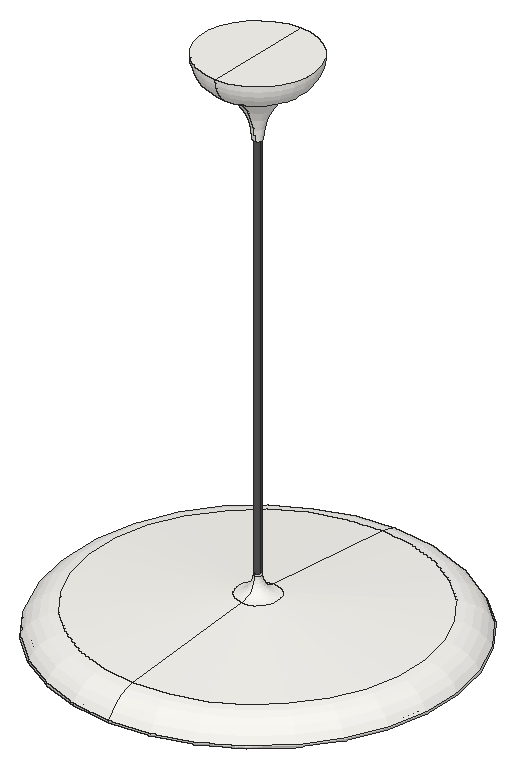
Revit family "Lighting_Pendants_Nordlux_Artist_40", category Lighting Fixtures, host Ceiling, Revit 2017
Family settings
  Host = Ceiling
  Round Connector Dimension = Use Diameter
  Part Type = Normal
  OmniClass Number = 23.80.70.11
  OmniClass Title = Luminaries for Internal Lighting
  Always vertical = Yes
  Cut with Voids When Loaded = No
  Light Source = Yes
  Shared = No
  Room Calculation Point = No
Parameters (values of type "Artist 40 - silver")
  Wattage = 9.82887 W
  WarrantyStartDate [instance] = "n/a"
  WarrantyGuarantorParts = "n/a"
  WarrantyGuarantorLabor = "n/a"
  WarrantyDurationUnit = "Hours"
  WarrantyDurationParts = "n/a"
  WarrantyDurationLabor = "n/a"
  WarrantyDescription = "n/a"
  built-in parameter 1150110 = 1 (stored number, unit not read)
  VersionDate = "06/08/2019"  # constant formula
  Version = "1"  # constant formula
  UsageCurrent = 0 A
  Uniclass2015Reference = "Pr_70_70_48_62"
  Uniclass2015Description = "Pendant  luminaires"
  Uniclass2 = "Pr_70_70_49_86"
  URL = "https://www.nordlux.com/products/product/83093054"
  TotalWattage = 24 W
  built-in parameter 1114217 = 1 (stored number, unit not read)
  Tilt Angle = 90.00°
  built-in parameter 1150109 = 1 (stored number, unit not read)
  built-in parameter 1150134 = (empty or 0)
  TagNumber [instance] = "n/a"
  SustainabilityPerformance = "n/a"
  built-in parameter 1150113 = 1 (stored number, unit not read)
  Socket = "LED MODUL"
  Size = "Shade: 400x400x60 mm / Canopy: 114x114x82 mm"
  Shape = "Sculptured"
  SerialNumber [instance] = "n/a"
  Revision = "n/a"
  ReplacementCost = "n/a"
  ProductInformation = "n/a"
  Product data url = "https://www.bimobject.com/nordlux/product/artist_40_pendant_led"
  Photometric Web File = "8309 Artist 40.ies"
  PhaseReference = "n/a"
  PhaseAngle = 0.00°
  NumberOfSources = 0
  NumberOfPoles = 1
  NominalWidth = NominalDiameter  # 400 mm
  NominalVoltageCalc = 0 V
  NominalVoltage = 230 V
  NominalRadius = NominalDiameter / 2  # 200 mm
  NominalLength = NominalDiameter  # 400 mm
  NominalHeight [instance] = CableLengthControl + 60 mm  # 560 mm
  NominalFrequencyRange = 50 Hz
  NominalDiameter = 400 mm
  NominalCurrent = 0 A
  Name = "Artist_40"  # constant formula
  NBSReference = "90-60-50/405"
  NBSDescription = "General purpose luminaires"
  ModelReference = ArticleNumber  # "83093054"
  ModelNumber = "n/a"
  Model = "Artist 40 - silver"
  Material = "Metal, plastic & textile"
  ManufacturersSpecificInformation = "n/a"
  ManufacturerURL = "https://www.nordlux.com/"
  ManufacturerName = "Nordlux"
  Manufacturer = "Nordlux"
  MaintenanceFactor = 0
  Lumens = 1460 lm
  LuminairePowerFactor = "0.98"
  built-in parameter 1150115 = 1 (stored number, unit not read)
  built-in parameter 1150105 = 505.18 (stored number, unit not read)
  LightSource = "Incl. 24W LED"
  LightFixtureSecondaryMaterial = Black cable
  LightFixturePlacingType = "Ceilling"
  LightFixtureMountingType = "Suspended"
  LightFixtureMainMaterial = Silver
  built-in parameter 1150137 = (empty or 0)
  built-in parameter 1150139 = (empty or 0)
  LensMaterial = Glass
  built-in parameter 1150112 = 1 (stored number, unit not read)
  built-in parameter 1150114 = 1 (stored number, unit not read)
  InsulationStandardClass = "Class 2 (Double isolated)"
  InstallationDate [instance] = "n/a"
  built-in parameter 1150132 = 2
  built-in parameter 1150102 = (empty or 0)
  built-in parameter 1150138 = (empty or 0)
  built-in parameter 1150107 = 2700 (stored number, unit not read)
  built-in parameter 1150106 = 5.0518 (stored number, unit not read)
  IfcExportType = "NOTDEFINED"  # constant formula
  IfcExportAs = "IfcLightFixtureType"  # constant formula
  IP_Code = "IP20"
  HasProtectiveEarth = no
  Grade = "n/a"
  Finish = "Primary material metal, secondary material plastic, textile cable."
  Features = "Textile cable 300cm. Cable can not be replaced."
  ExpectedLife = "20.000"
  EnergyClass = "A - A++"
  Emit from Circle Diameter = 380 mm
  Emit Shape Visible in Rendering = no
  ElectricalDeviceNominalPower = 0
  built-in parameter 1150104 = 13.8 (stored number, unit not read)
  EANNumber = "5701581386983"
  DurationUnit = "Hours"
  Dimming Lamp Color Temperature Shift = <None>
  Designer = "Bonnelycke MDD"
  Description = "With its timeless design and simple shape, ARTIST is a beautiful candidate for a future classic. As the name suggests, Artist is modeled on the world of music – inspired by a drum kit cymbal."
  DefaultElevation = 0 mm
  ConvergoRefNr = "0143-1909-0002-DK"
  Constituents = "n/a"
  ColourIndexRA = "80"
  Color Filter = 16777215
  Color = "Silver"
  Collection = "Artist"
  CodePerformance = "n/a"
  Category = "Indoor lighting"
  CableLengthControl [instance] = if(CableLength < 250 mm, 250 mm, if(CableLength > 3000 mm, 3000 mm, CableLength))  # 500 mm
  CableLength [instance] = 500 mm
  Brand = "Nordlux"
  Barcode [instance] = "n/a"
  built-in parameter 1114218 = 1 (stored number, unit not read)
  BIMObjectName = "Lighting_Pendants_Nordlux_Artist_40"  # constant formula
  Author = "Convergo AB"  # constant formula
  built-in parameter 1150133 = 10 (stored number, unit not read)
  AssetType = "Fixed"
  AssetIdentifier [instance] = "n/a"
  ArticleNumber = "83093054"
  AccessibilityPerformance = "n/a"
Types (4, lengths in mm): name | URL | ModelReference | Model | built-in parameter 1150105 | LightFixtureSecondaryMaterial | LightFixtureMainMaterial | built-in parameter 1150106 | EANNumber | Color | ArticleNumber
  Artist 40 - black | "https://www.nordlux.com/products/product/83093003" | "83093003" | "Artist 40 - black" | 526.88 (stored number, unit not read) | Black cable | Black | 5.2688 (stored number, unit not read) | "5701581345584" | "Black" | "83093003"
  Artist 40 - grey | "https://www.nordlux.com/products/product/83093010" | "83093010" | "Artist 40 - grey" | 526.88 (stored number, unit not read) | Grey cable | Grey | 5.2688 (stored number, unit not read) | "5701581301283" | "Grey" | "83093010"
  Artist 40 - copper | "https://www.nordlux.com/products/product/83093030" | "83093030" | "Artist 40 - copper" | 526.88 (stored number, unit not read) | Black cable | Copper | 5.2688 (stored number, unit not read) | "5701581301382" | "Copper" | "83093030"
  Artist 40 - silver | "https://www.nordlux.com/products/product/83093054" | "83093054" | "Artist 40 - silver" | 505.18 (stored number, unit not read) | Black cable | Silver | 5.0518 (stored number, unit not read) | "5701581386983" | "Silver" | "83093054"
Reference planes
  plane 1 "Light Source Axis (F/B)": y = 0
  plane 2: z = 0
  plane 3 "Light Source Axis (L/R)": x = 0
  plane 4 "Ceiling": z = 4000
  plane 5 "Light Source Elevation": z = 3442
  plane 6: z = 3500
  plane 7: z = 3440
  plane 8: x = -200
  plane 9: y = 200
  plane 10: x = 200
  plane 11: y = -200
Forms (mm)
  Extrusion 1, solid, material "Silver" <- "LightFixtureMainMaterial", detail levels coarse
    sketch origin (0, 0, 3442) x (-1, 0, 0) y (0, -1, 0)
      loop
        line (200, -200) -> (200, 200) -> (-200, 200) -> (-200, -200) -> (200, -200)
    from -2 to 558
Dimensions and locks
  equal spacing: host sketch curve, plane 3 "Light Source Axis (L/R)", host sketch curve
  equal spacing: host sketch curve, plane 1 "Light Source Axis (F/B)", host sketch curve
  host sketch curve to host sketch curve = 4000 mm  (x2)
  locked: plane 4 "Ceiling" to host ceiling at 0
  "CableLengthControl": plane 6 to plane 4 "Ceiling"
  locked: plane 7 to plane 5 "Light Source Elevation" at 2
  equal spacing: plane 11, plane 1 "Light Source Axis (F/B)", plane 9
  "NominalDiameter": plane 9 to plane 11
  equal spacing: plane 8, plane 3 "Light Source Axis (L/R)", plane 10
  "NominalDiameter": plane 8 to plane 10
  "NominalHeight": plane 7 to plane 4 "Ceiling"
  aligned and locked: plane 3 "Light Source Axis (L/R)" to imposter light
  aligned and locked: plane 1 "Light Source Axis (F/B)" to imposter light
  aligned and locked: plane 5 "Light Source Elevation" to imposter light
  aligned and locked: nested 1 to plane 6
  aligned and locked: nested 2 to plane 4 "Ceiling"
  aligned and locked: Extrusion 1 to plane 4 "Ceiling"
  aligned and locked: Extrusion 1 to plane 7
  aligned and locked: plane 9 to Extrusion 1 sketch curve
  aligned and locked: plane 10 to Extrusion 1 sketch curve
  aligned and locked: plane 11 to Extrusion 1 sketch curve
  aligned and locked: plane 8 to Extrusion 1 sketch curve
Nested families
  nested 1: "Artist_40" at (0, 0, 3440), Metal <- "LightFixtureMainMaterial", Glass <- "LensMaterial", type "Artist_40"
    with Metal Silver, Glass Glass
  nested 2: "Artist_Cable" at (0, 0, 4000) x (1, 0, 0) z (0, 0, -1), CableLength <- "CableLengthControl", Metal <- "LightFixtureMainMaterial", Cable <- "LightFixtureSecondaryMaterial", type "Artist_Cable"
    with Metal Silver, CableLength 500 mm, Cable Black cable
Connectors
  electrical at (0, 0, 4000), driven by "NominalVoltage", driven by "NumberOfPoles"
    settings: on nested 2, index 1, voltage 230 V, apparent load 0 VA, apparent load phase1 0 VA, apparent load phase2 0 VA, apparent load phase3 0 VA, power factor 1, load classification "Other", number of poles 1, system type 31, power factor state 1, is connector primary yes, connector utility no, sub classification motor no, connector description ""
Definition of nested family "Artist_40"
  Parameters (values of type "Artist_40")
    Glass [instance] = none
    Metal [instance] = none
  Reference planes
    plane 1 "Center (Front/Back)": y = 0
    plane 2: z = 0
    plane 3 "Center (Left/Right)": x = 0
    plane 4: z = 60
    plane 5: z = 2
    plane 6: x = -199.998
    plane 7: y = 199.998
    plane 8: y = -199.998
    plane 9: x = 199.998
  Forms (mm)
    Revolve 1, solid, material <- "Metal", detail levels medium+fine
      sketch origin (0, 0, 0) x (0, 1, 0) y (0, 0, 1)
        loop
          line (0, 2) -> (198.04, 2)
          arc (198.04, 2) -> (199.717, 2.932) -> (199.81, 4.847) r 1.973
          arc (199.81, 4.847) -> (186.572, 20.096) -> (167.56, 26.901) r 39.863
          line (167.56, 26.901) -> (21.088, 39.774)
          arc (21.088, 39.774) -> (8.74, 45.868) -> (3.75, 58.702) r 19.001
          line (3.75, 58.702) -> (3.75, 60) -> (0, 60) -> (0, 2)
        axis (0, 60) -> (0, 2)
      angle from 0 to 360
    Revolve 2, solid, material <- "Glass", detail levels medium+fine
      sketch origin (0, 25, 0) x (0, 1, 0) y (0, 0, 1)
        loop
          line (-25, 0) -> (163.671, 0)
          arc (163.671, 0) -> (165.085, 0.586) -> (165.671, 2) r 2
          line (165.671, 2) -> (-25, 2) -> (-25, 0)
        axis (-25, 2) -> (-25, 0)
      angle from 0 to 360
  Lines and regions (mm)
    symbolic lines, detail levels medium+fine
      curve 1: circle (0, 0, 0) r 200 normal (0, 0, 1)
      curve 5: line (0, 3.75, 58.702) -> (0, 3.75, 60)
      curve 6: line (0, -3.75, 58.702) -> (0, -3.75, 60)
      curve 7: line (0, 3.75, 60) -> (0, 3, 60)
      curve 8: line (0, -3.75, 60) -> (0, -3, 60)
      curve 11: line (-3, 0, 60) -> (-3.75, 0, 60)
      curve 12: line (3, 0, 60) -> (3.75, 0, 60)
      curve 13: line (3.75, 0, 58.702) -> (3.75, 0, 60)
      curve 14: line (-3.75, 0, 58.702) -> (-3.75, 0, 60)
      curve 15: arc (0, 21.088, 39.774) -> (0, 8.74, 45.868) -> (0, 3.75, 58.702) r 19.001
      curve 16: line (0, 167.56, 26.901) -> (0, 21.088, 39.774)
      curve 17: arc (0, 199.81, 4.847) -> (0, 186.572, 20.096) -> (0, 167.56, 26.901) r 39.863
      curve 18: arc (0, 198.04, 2) -> (0, 199.717, 2.932) -> (0, 199.81, 4.847) r 1.973
      curve 19: line (0, 198.04, 2) -> (0, 190.671, 2)
      curve 20: arc (0, 188.671, 0) -> (0, 190.085, 0.586) -> (0, 190.671, 2) r 2
      curve 21: line (0, 188.671, 0) -> (0, 0, 0)
      curve 23: arc (0, -21.088, 39.774) -> (0, -8.74, 45.868) -> (0, -3.75, 58.702) r 19.001
      curve 24: line (0, -167.56, 26.901) -> (0, -21.088, 39.774)
      curve 25: arc (0, -199.81, 4.847) -> (0, -186.572, 20.096) -> (0, -167.56, 26.901) r 39.863
      curve 26: arc (0, -198.04, 2) -> (0, -199.717, 2.932) -> (0, -199.81, 4.847) r 1.973
      curve 27: line (0, -198.04, 2) -> (0, -190.671, 2)
      curve 29: line (0, -188.671, 0) -> (0, 0, 0)
      curve 30: arc (0, -188.671, 0) -> (0, -190.085, 0.586) -> (0, -190.671, 2) r 2
      curve 31: arc (-3.75, 0, 58.702) -> (-8.74, 0, 45.868) -> (-21.088, 0, 39.774) r 19.001
      curve 32: line (-21.088, 0, 39.774) -> (-167.56, 0, 26.901)
      curve 33: arc (-167.56, 0, 26.901) -> (-186.572, 0, 20.096) -> (-199.81, 0, 4.847) r 39.863
      curve 34: arc (-199.81, 0, 4.847) -> (-199.717, 0, 2.932) -> (-198.04, 0, 2) r 1.973
      curve 36: arc (-190.671, 0, 2) -> (-190.085, 0, 0.586) -> (-188.671, 0, 0) r 2
      curve 37: line (0, 0, 0) -> (-188.671, 0, 0)
      curve 38: line (-190.671, 0, 2) -> (-198.04, 0, 2)
      curve 39: arc (3.75, 0, 58.702) -> (8.74, 0, 45.868) -> (21.088, 0, 39.774) r 19.001
      curve 40: line (21.088, 0, 39.774) -> (167.56, 0, 26.901)
      curve 41: arc (167.56, 0, 26.901) -> (186.572, 0, 20.096) -> (199.81, 0, 4.847) r 39.863
      curve 42: arc (199.81, 0, 4.847) -> (199.717, 0, 2.932) -> (198.04, 0, 2) r 1.973
      curve 44: arc (190.671, 0, 2) -> (190.085, 0, 0.586) -> (188.671, 0, 0) r 2
      curve 45: line (0, 0, 0) -> (188.671, 0, 0)
      curve 46: line (190.671, 0, 2) -> (198.04, 0, 2)
    symbolic lines, detail levels fine
      curve 2: circle (0, 0, 0) r 190.671 normal (0, 0, 1)
      curve 3: line (0, 3, 60) -> (0, 0, 60)
      curve 4: line (0, -3, 60) -> (0, 0, 60)
      curve 9: line (0, 0, 60) -> (-3, 0, 60)
      curve 10: line (0, 0, 60) -> (3, 0, 60)
      curve 22: line (0, 190.671, 2) -> (0, 0, 2)
      curve 28: line (0, -190.671, 2) -> (0, 0, 2)
      curve 35: line (0, 0, 2) -> (-190.671, 0, 2)
      curve 43: line (0, 0, 2) -> (190.671, 0, 2)
  Dimensions and locks
    aligned and locked: level to plane 2
Definition of nested family "Artist_Cable"
  Parameters (values of type "Artist_Cable")
    Default Elevation = 1219.2 mm
    CableLength [instance] = 250 mm
    Cable [instance] = none
    Metal [instance] = none
  Reference planes
    plane 1 "Center (Front/Back)": y = 0
    plane 2: z = 0
    plane 3 "Center (Left/Right)": x = 0
  Forms (mm)
    Revolve 1, solid, material <- "Metal", detail levels medium+fine
      sketch origin (0, 0, 0) x (0, 1, 0) y (0, 0, 1)
        loop
          line (4.673, 81.85) -> (0, 81.85) -> (0, 0) -> (57.493, 0)
          arc (57.493, 0) -> (52.513, 16.914) -> (39.163, 28.433) r 31.217
          arc (39.163, 28.433) -> (14.066, 50.071) -> (4.673, 81.85) r 58.741
        axis (0, 81.85) -> (0, 0)
      angle from 0 to 360
    Extrusion 2, solid, material <- "Cable", detail levels medium+fine
      sketch origin (0, 0, 0) x (1, 0, 0) y (0, 1, 0)
        loop
          circle (0, 0) r 3
      from 81.85 to 250 <- "CableLength"
  Lines and regions (mm)
    symbolic lines, detail levels medium+fine
      curve 1: line (0, 57.493, 0) -> (0, 0, 0)
      curve 2: arc (0, 57.493, 0) -> (0, 52.513, 16.914) -> (0, 39.163, 28.433) r 31.217
      curve 3: arc (0, 39.163, 28.433) -> (0, 14.066, 50.071) -> (0, 4.673, 81.85) r 58.741
      curve 4: line (0, 4.673, 81.85) -> (0, 3, 81.85)
      curve 5: line (0, 3, 250) -> (0, 3, 81.85)
      curve 7: line (0, -57.493, 0) -> (0, 0, 0)
      curve 8: arc (0, -57.493, 0) -> (0, -52.513, 16.914) -> (0, -39.163, 28.433) r 31.217
      curve 9: arc (0, -39.163, 28.433) -> (0, -14.066, 50.071) -> (0, -4.673, 81.85) r 58.741
      curve 10: line (0, -4.673, 81.85) -> (0, -3, 81.85)
      curve 11: line (0, -3, 250) -> (0, -3, 81.85)
      curve 13: arc (-39.163, 0, 28.433) -> (-52.513, 0, 16.914) -> (-57.493, 0, 0) r 31.217
      curve 14: line (0, 0, 0) -> (-57.493, 0, 0)
      curve 15: arc (-4.673, 0, 81.85) -> (-14.066, 0, 50.071) -> (-39.163, 0, 28.433) r 58.741
      curve 16: line (-3, 0, 81.85) -> (-4.673, 0, 81.85)
      curve 18: line (-3, 0, 81.85) -> (-3, 0, 250)
      curve 19: arc (39.163, 0, 28.433) -> (52.513, 0, 16.914) -> (57.493, 0, 0) r 31.217
      curve 20: line (0, 0, 0) -> (57.493, 0, 0)
      curve 21: arc (4.673, 0, 81.85) -> (14.066, 0, 50.071) -> (39.163, 0, 28.433) r 58.741
      curve 22: line (3, 0, 81.85) -> (4.673, 0, 81.85)
      curve 24: line (3, 0, 81.85) -> (3, 0, 250)
    symbolic lines, detail levels fine
      curve 6: line (0, 3, 81.85) -> (0, 0, 81.85)
      curve 12: line (0, -3, 81.85) -> (0, 0, 81.85)
      curve 17: line (-3, 0, 81.85) -> (0, 0, 81.85)
      curve 23: line (3, 0, 81.85) -> (0, 0, 81.85)
  Dimensions and locks
    aligned and locked: level to plane 2
    aligned and locked: Extrusion 2 to curve 5
    aligned and locked: curve 11 to Extrusion 2
    aligned and locked: Extrusion 2 to curve 18
    aligned and locked: curve 24 to Extrusion 2
